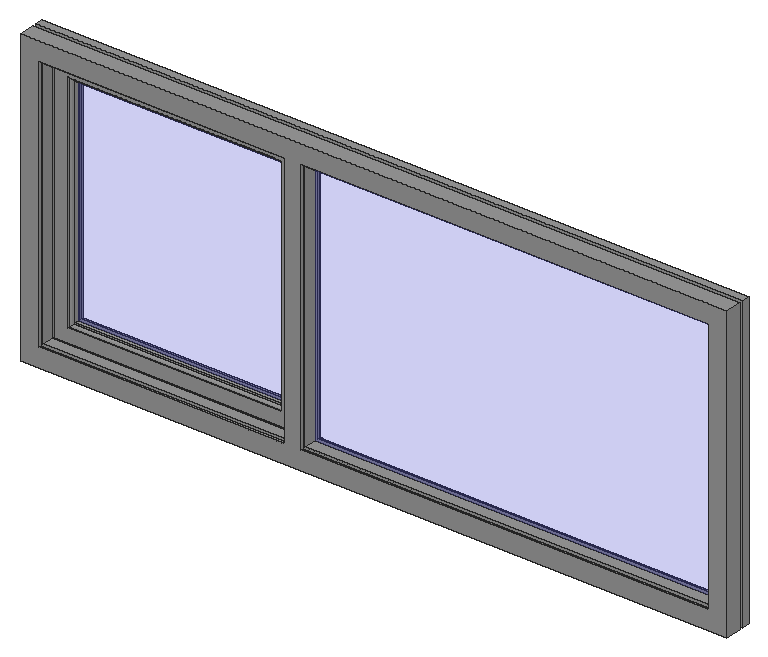
Revit family "ME15 RH", category Windows, host Wall, Revit 2015
Parameters (values of type "ME15 RH")
  Sash Width = 600 mm
  Height = 622 mm
  Default Lintel Height = 2100 mm
  Wall Closure = By host
  Width = 1500 mm
Reference planes
  plane 1 "Center (Front/Back)": y = 0
  plane 2 "Center (Left/Right)": x = 0
  plane 3 "Left": x = -750
  plane 4 "Right": x = 750
  plane 5 "Sill": z = 1478
  plane 6 "Head": z = 2100
  plane 7 "Exterior": y = 100
  plane 8 "Interior": y = -100
  plane 9: y = -28.5
  plane 10: y = 23.5
  plane 11: x = -150
Forms (mm)
  Sweep 1, solid, material "Lauan, Meranti"
    path origin (0, 100, 0) x (1, 0, 0) y (0, 0, 1)
      loop
        line (750, 2100) -> (-750, 2100) -> (-750, 1478) -> (750, 1478) -> (750, 2100)
    profile origin (0, 100, 2100) x (0, 0, -1) y (0, -1, 0)
      loop
        line (0, 71.5) -> (29, 71.5) -> (29, 96.5) -> (37.5, 96.5) -> (37.5, 102.5) -> (40.5, 102.5) -> (40.5, 96.5) -> (44, 96.5) -> (44, 122.5) -> (39, 122.5) -> (39, 128.5) -> (0, 128.5) -> (0, 94.5) -> (10, 94.5) -> (10, 86.5) -> (0, 86.5) -> (0, 71.5)
  Extrusion 2, solid, material "Lauan, Meranti"
    sketch origin (-172, 0, 0) x (1, 0, 0) y (0, 1, 0)
      loop
        line (22, -22.5) -> (22, 3.5) -> (18.5, 3.5) -> (18.5, -2.5) -> (15.5, -2.5) -> (15.5, 3.5) -> (7, 3.5) -> (7, 28.5) -> (-7, 28.5) -> (-7, 3.5) -> (-15.5, 3.5) -> (-15.5, -2.5) -> (-18.5, -2.5) -> (-18.5, 3.5) -> (-22, 3.5) -> (-22, -22.5) -> (-17, -22.5) -> (-17, -28.5) -> (17, -28.5) -> (17, -22.5) -> (22, -22.5)
    from 1507 to 2071
  Sweep 3, solid, material "Rubber"
    path origin (10500, 23.5, 2100) x (0, 0, -1) y (-1, 0, 0)
      loop
        line (29, 11221) -> (29, 10679) -> (593, 10679) -> (593, 11221) -> (29, 11221)
    profile origin (-450, 23.5, 2071) x (0, 0, -1) y (0, 1, 0)
      loop
        line (9, -22.43) -> (8, -22.43) -> (9, -22.698) -> (9, -24.464) -> (8, -24.464) -> (10, -25) -> (12, -24.464) -> (11, -24.464) -> (11, -22.698) -> (12, -22.43) -> (11, -22.43) -> (11, -20) -> (15, -20) -> (15, -17) -> (10, -15) -> (5, -17) -> (5, -20) -> (9, -20) -> (9, -22.43)
  Sweep 4, solid, material "Lauan, Meranti"
    path origin (10500, 23.5, 2100) x (0, 0, -1) y (-1, 0, 0)
      loop
        line (29, 11221) -> (29, 10679) -> (593, 10679) -> (593, 11221) -> (29, 11221)
    profile origin (-450, 23.5, 2071) x (0, 0, -1) y (0, 1, 0)
      loop
        line (-5, 5) -> (12, 5) -> (12, -2) -> (14, -2.536) -> (14, -7.464) -> (12, -8) -> (12, -13) -> (10, -13) -> (10, -17) -> (43, -17) -> (43, -14)
        arc (43, -14) -> (47.243, -12.243) -> (49, -8) r 6
        line (49, -8) -> (52, -8) -> (52, 0) -> (43, 0) -> (43, 25) -> (1, 25)
        arc (1, 25) -> (-3.242, 23.243) -> (-5, 19) r 6
        line (-5, 19) -> (-5, 5)
  Extrusion 5, solid, material "Glass"
    sketch origin (10500, 23.5, 2100) x (0, 0, -1) y (-1, 0, 0)
      loop
        line (72, 11178) -> (72, 10722) -> (550, 10722) -> (550, 11178) -> (72, 11178)
    from 0 to 6.4
  Sweep 6, solid, material "Lauan, Meranti"
    path origin (0, 100, 0) x (-1, 0, 0) y (0, 0, -1)
      loop
        line (678, -2028) -> (678, -1550) -> (222, -1550) -> (222, -2028) -> (678, -2028)
    profile origin (-450, 100, 2028) x (0, 0, 1) y (0, -1, 0)
      loop
        line (0, 62.1) -> (0, 70.1) -> (-9, 70.1) -> (-9, 68.1) -> (-7, 68.1)
        arc (-7, 68.1) -> (-4.67, 63.734) -> (0, 62.1) r 6.807
  Extrusion 7, solid, material "Glass"
    sketch origin (10500, 3.5, 2100) x (0, 0, -1) y (-1, 0, 0)
      loop
        line (29, 10665) -> (29, 9779) -> (593, 9779) -> (593, 10665) -> (29, 10665)
    from 0 to 6.4
  Sweep 8, solid, material "Lauan, Meranti"
    path origin (10500, 23.5, 2100) x (0, 0, -1) y (-1, 0, 0)
      loop
        line (29, 10665) -> (29, 9779) -> (593, 9779) -> (593, 10665) -> (29, 10665)
    profile origin (278, 23.5, 2071) x (0, 0, -1) y (0, 1, 0)
      loop
        line (0, 1.4) -> (0, -13.6) -> (15, -13.6) -> (15, -8.6) -> (13, -8.6)
        arc (13, -8.6) -> (10.071, -1.529) -> (3, 1.4) r 10
        line (3, 1.4) -> (0, 1.4)
Cuts and joins
  joined: Sweep 1, Extrusion 2
Lines and regions (mm)
  Opening 1
    outline origin (3500, -100, 0) x (1, 0, 0) y (0, 0, 1)
      loop
        line (-2750, 1478) -> (-2750, 2100) -> (-4250, 2100) -> (-4250, 1478) -> (-2750, 1478)
  model lines
    curve 1: line (-450, 48.5, 1502) -> (-173.918, 48.5, 2076.08)
    curve 2: line (-726, 48.5, 2076) -> (-450, 48.5, 1502)
Text (mm)
  text "EXTERIOR" at (-1963.203, 1332.353, 0), in view "Ref. Level"
  text "INTERIOR" at (-1981.466, -818.386, 0), in view "Ref. Level"
  text "Exterior" at (0, 923.751, 2943.296), in view "Right"
  text "Exterior" at (0, 1040.484, 2685.409), in view "Left"
Dimensions and locks
  equal spacing: plane 3 "Left", plane 2 "Center (Left/Right)", plane 4 "Right"
  "Width": plane 3 "Left" to plane 4 "Right"
  "Height": plane 5 "Sill" to plane 6 "Head"
  "Default Lintel Height": plane 6 "Head" to level
  locked: plane 7 "Exterior" to host wall at 0
  locked: plane 8 "Interior" to host wall
  locked: plane 10 to plane 9 at 52
  "Sash Width": plane 11 to plane 3 "Left"
  aligned and locked: Sweep 1 sketch curve to host wall  (x4)
  aligned and locked: Sweep 3 sketch curve to Extrusion 2  (x2)
  aligned and locked: Sweep 4 sketch curve to Extrusion 2  (x2)
  aligned and locked: Sweep 4 to Extrusion 5 sketch curve  (x2)
  aligned and locked: Extrusion 5 sketch curve to Sweep 4  (x2)
  aligned and locked: Sweep 6 sketch curve to Sweep 4  (x4)
  aligned and locked: Sweep 8 sketch curve to Extrusion 7
  aligned and locked: Sweep 8 sketch curve to Extrusion 2
Automatic sketch dimensions
  plane 3 "Left" to Opening 1 sketch curve = 0 mm
  plane 4 "Right" to Opening 1 sketch curve = 0 mm
  Opening 1 sketch curve to plane 5 "Sill" = 0 mm
  Opening 1 sketch curve to plane 6 "Head" = 0 mm
  Sweep 1 sketch curve to profile plane = 0 mm  (x2)
  Sweep 1 sketch curve to profile plane = 10 mm
  Sweep 1 sketch curve to Sweep 1 sketch curve = 19 mm
  Sweep 1 sketch curve to Sweep 1 sketch curve = 8.5 mm
  Sweep 1 sketch curve to Sweep 1 sketch curve = 1.5 mm
  Sweep 1 sketch curve to Sweep 1 sketch curve = 3 mm
  Sweep 1 sketch curve to Sweep 1 sketch curve = 3.5 mm
  plane 7 "Exterior" to Sweep 1 sketch curve = 71.5 mm
  Sweep 1 sketch curve to Sweep 1 sketch curve = 15 mm
  Sweep 1 sketch curve to Sweep 1 sketch curve = 8 mm
  Sweep 1 sketch curve to Sweep 1 sketch curve = 25 mm
  Sweep 1 sketch curve to Sweep 1 sketch curve = 0 mm
  Sweep 1 sketch curve to Sweep 1 sketch curve = 6 mm
  Sweep 1 sketch curve to Sweep 1 sketch curve = 20 mm
  Sweep 1 sketch curve to Sweep 1 sketch curve = 34 mm
  Extrusion 2 sketch curve to plane 9 = 0 mm
  Extrusion 2 sketch curve to plane 11 = 0 mm
  Extrusion 2 sketch curve to Extrusion 2 sketch curve = 3.5 mm  (x2)
  Extrusion 2 sketch curve to Extrusion 2 sketch curve = 5 mm
  Extrusion 2 sketch curve to Extrusion 2 sketch curve = 3 mm  (x2)
  plane 10 to Extrusion 2 sketch curve = 5 mm
  Extrusion 2 sketch curve to plane 11 = 15 mm
  Extrusion 2 sketch curve to Extrusion 2 sketch curve = 14 mm
  host wall to Extrusion 2 sketch curve = 2.5 mm  (x2)
  Extrusion 2 sketch curve to Extrusion 2 sketch curve = 8.5 mm
  Extrusion 2 sketch curve to Extrusion 2 sketch curve = 1.5 mm
  plane 9 to Extrusion 2 sketch curve = 6 mm  (x2)
  Extrusion 2 sketch curve to host wall = 3.5 mm  (x3)
  Extrusion 2 sketch curve to Extrusion 2 sketch curve = 0 mm
  plane 6 "Head" to Sweep 3 sketch curve = 29 mm
  Sweep 3 sketch curve to plane 3 "Left" = 29 mm
  Sweep 3 sketch curve to profile plane = 5 mm
  Sweep 3 sketch curve to Sweep 3 sketch curve = 3 mm  (x4)
  Sweep 3 sketch curve to Sweep 3 sketch curve = 0 mm  (x4)
  Sweep 3 sketch curve to Sweep 3 sketch curve = 1 mm  (x6)
  Sweep 3 sketch curve to profile plane = 25 mm
  Sweep 3 sketch curve to Sweep 3 sketch curve = 0.536 mm  (x2)
  Sweep 3 sketch curve to Sweep 3 sketch curve = 1.766 mm  (x2)
  Sweep 3 sketch curve to Sweep 3 sketch curve = 0.268 mm  (x2)
  Sweep 3 sketch curve to Sweep 3 sketch curve = 2.43 mm
  Sweep 3 sketch curve to Sweep 3 sketch curve = 5 mm
  plane 6 "Head" to Sweep 4 sketch curve = 29 mm
  Sweep 4 sketch curve to plane 3 "Left" = 29 mm
  Sweep 4 sketch curve to profile plane = 0 mm
  profile plane to Sweep 4 sketch curve = 5 mm  (x2)
  Sweep 4 sketch curve to profile plane = 1 mm
  Sweep 4 sketch curve to profile plane = 10 mm
  Sweep 4 sketch curve to profile plane = 2 mm
  Sweep 4 sketch curve to Sweep 4 sketch curve = 2 mm  (x3)
  Sweep 4 sketch curve to profile plane = 14 mm
  Sweep 4 sketch curve to Sweep 4 sketch curve = 29 mm
  Sweep 4 sketch curve to Sweep 4 sketch curve = 0 mm
  Sweep 4 sketch curve to Sweep 4 sketch curve = 6 mm
  Sweep 4 sketch curve to Sweep 4 sketch curve = 3 mm  (x2)
  Sweep 4 sketch curve to Sweep 4 sketch curve = 4 mm
  Sweep 4 sketch curve to Sweep 4 sketch curve = 5 mm
  Sweep 4 sketch curve to Sweep 4 sketch curve = 0.536 mm  (x2)
  Sweep 4 sketch curve to Sweep 4 sketch curve = 14 mm
  profile plane to Sweep 6 sketch curve = 0 mm
  profile plane to Sweep 6 sketch curve = 0.241 mm
  Sweep 6 sketch curve to Sweep 6 sketch curve = 6.759 mm
  Sweep 6 sketch curve to Sweep 6 sketch curve = 2 mm  (x2)
  profile plane to Sweep 6 sketch curve = 62.1 mm
  Sweep 6 sketch curve to Sweep 6 sketch curve = 6 mm
  plane 6 "Head" to Extrusion 7 sketch curve = 29 mm
  Extrusion 7 sketch curve to plane 5 "Sill" = 29 mm
  plane 4 "Right" to Extrusion 7 sketch curve = 29 mm
  Extrusion 7 sketch curve to plane 11 = 15 mm
  Sweep 8 sketch curve to plane 5 "Sill" = 29 mm
  plane 4 "Right" to Sweep 8 sketch curve = 29 mm
  Sweep 8 sketch curve to profile plane = 0 mm
  profile plane to Sweep 8 sketch curve = 1.4 mm
  Sweep 8 sketch curve to Sweep 8 sketch curve = 3 mm
  Sweep 8 sketch curve to profile plane = 8.6 mm
  Sweep 8 sketch curve to Sweep 8 sketch curve = 2 mm
  Sweep 8 sketch curve to Sweep 8 sketch curve = 5 mm
  curve 1 to plane 5 "Sill" = 24 mm
  curve 1 to plane 3 "Left" = 300 mm
  curve 2 to plane 3 "Left" = 24 mm
  curve 1 to plane 11 = 23.918 mm
  plane 6 "Head" to curve 2 = 24 mm
  plane 6 "Head" to curve 1 = 23.92 mm
